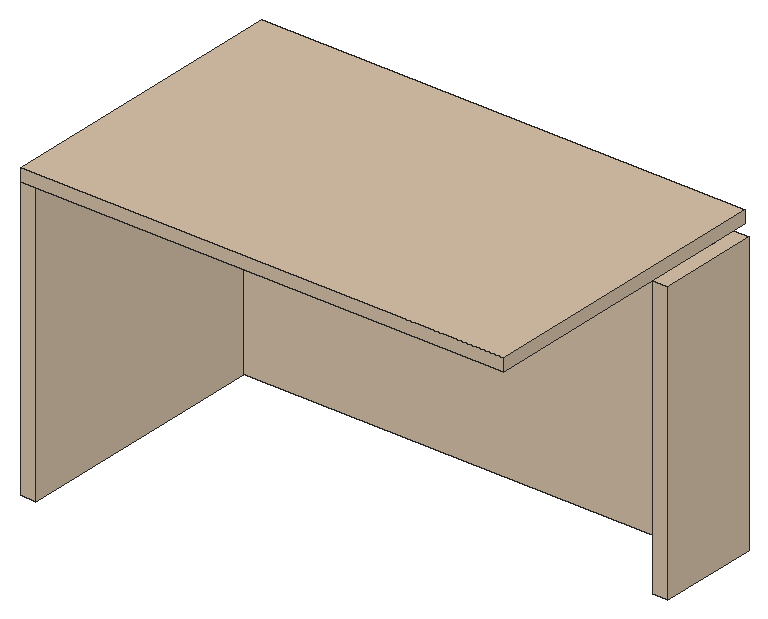
Revit family "Haworth_Masters_Convergent_TDesk", category Furniture Systems, Revit 2018
Family settings
  Round Connector Dimension = Use Diameter
  Part Type = Normal
  OmniClass Number = 23.40.70.14.64.21
  OmniClass Title = Systems Furniture
  Work Plane-Based = No
  Always vertical = Yes
  Cut with Voids When Loaded = No
  Shared = No
  Room Calculation Point = No
Parameters (values of type "30d 48w")
  Worksurface Finish = Haworth _ Wood _ White Oak
  Warranty = "http://www.haworth.com/resources/product-info/warranties"
  URL - Product = "http://www.haworth.com/products/desks/freestanding/masters-series"
  Sustainability Info = "http://www.haworth.com/company-info/sustainablility"
  Standard Depths = "30, 36 in."  # constant formula
  Model = "Haworth - Masters - Convergent T-Desk"  # constant formula
  Width = 48"
  URL = "www.haworth.com"
  Size = "Verify Final Dim. w/ Haworth"  # constant formula
  Revision Number = "2"  # constant formula
  Min. Width = 48"  # constant formula
  Max. Width = 78"  # constant formula
  Min. Depth = 30"  # constant formula
  Max. Depth = 36"  # constant formula
  Manufacturer = "Haworth"  # constant formula
  Edge Finish = Haworth _ Wood _ White Oak
  Description = "Haworth - Masters - Convergent T-Desk"  # constant formula
  Depth = 30"
  Custom Size = not(and(or(Width = 48", Width = 54", Width = 60", Width = 66", Width = 72", Width = 78"), and(or(Depth = 30", Depth = 36"))))  # no
  Cabinet Finish = Haworth _ Wood _ White Oak
  Author = "Haworth (Hampton)"  # constant formula
  Assembly Code = "E2020200"
  Actual Width = if(Width < Min. Width, Min. Width, if(Width > Max. Width, Max. Width, Width))  # 48"
  Actual Height = 29 1/8"  # constant formula
  Actual Depth = if(Depth < Min. Depth, Min. Depth, if(Depth > Max. Depth, Max. Depth, Depth))  # 30"
  Standard Widths = "48,54,60,66,72,78 in."  # constant formula
Types (2): name | Width | Depth | Actual Width | Actual Depth
  30d 48w | 48" | 30" | 48" | 30"
  36d 72w | 72" | 36" | 72" | 36"
Reference planes (in)
  plane 1 "Back": y = -10
  plane 2: z = 0
  plane 3 "Center": x = 29.0625
  plane 4 "Top": z = 29.125
  plane 5 "Bottom of Top": z = 27.875
  plane 6 "Front": y = -40
  plane 7 "Left Side": x = 5.0625
  plane 8 "Right Side": x = 53.0625
  plane 9 "L-Support Back": y = -13.5
  plane 10 "L-Support Front": y = -14.25
  plane 11 "One High Bottom": z = 0
  plane 12: x = 6.59375
  plane 13: x = 54.59375
  plane 14 "Partial Panel Back": y = -11.53125
  plane 15 "Partial Panel Front": y = -21.53125
Forms (in)
  Extrusion 1, solid, material "Haworth _ Wood _ White Oak" <- "Worksurface Finish"
    sketch origin (0, 0, 29.125) x (0, 1, 0) y (-1, 0, 0)
      loop
        line (-40, -5.0625) -> (-40, -53.0625) -> (-10, -53.0625) -> (-10, -5.0625) -> (-40, -5.0625)
    from 0 to -1.25
  Extrusion 2, solid, material "Haworth _ Wood _ White Oak" <- "Cabinet Finish"
    sketch origin (-12.9375, 20.31207, 48) x (0, 1, 0) y (0, 0, -1)
      loop
        line (-30.31207, 20.125) -> (-30.31207, 48) -> (-60.31207, 48) -> (-60.31207, 20.125) -> (-30.31207, 20.125)
    from -19.53125 to -18
  Extrusion 3, solid, material "Haworth _ Wood _ White Oak" <- "Cabinet Finish"
    sketch origin (0, 0, 0) x (1, 0, 0) y (0, 1, 0)
      loop
        line (53.0625, -11.53125) -> (53.0625, -21.53125) -> (54.59375, -21.53125) -> (54.59375, -11.53125) -> (53.0625, -11.53125)
    from 0 to 27.875
  Extrusion 4, solid, material "Haworth _ Wood _ White Oak" <- "Cabinet Finish"
    sketch origin (0, 0, 0) x (1, 0, 0) y (0, 1, 0)
      loop
        line (6.59375, -13.5) -> (6.59375, -14.25) -> (53.0625, -14.25) -> (53.0625, -13.5) -> (6.59375, -13.5)
    from 0 to 27.875
Lines and regions (in)
  Masking region 1
    outline origin (0, 0, 27.875) x (0, 1, 0) y (-1, 0, 0)
      loop
        line (-5.68123, -53.0625) -> (-5.68123, -5.0625) -> (-40, -5.0625) -> (-40, -53.0625) -> (-5.68123, -53.0625)
  symbolic lines, style "Haworth Hidden", not visible, detail levels fine
    curve 1: line (6.59375, -10, 0) -> (6.59375, -11.28125, 0)
    curve 2: line (6.59375, -27.78125, 0) -> (6.59375, -28.53125, 0)
  symbolic lines, style "Haworth Hidden", detail levels fine
    curve 3: line (6.59375, -13.5, 0) -> (53.0625, -13.5, 0)
    curve 4: line (53.0625, -14.25, 0) -> (6.59375, -14.25, 0)
    curve 5: line (53.0625, -7.25, 0) -> (54.59375, -7.25, 0)
    curve 6: line (54.59375, -21.53125, 0) -> (53.0625, -21.53125, 0)
    curve 7: line (54.59375, -7.25, 0) -> (54.59375, -21.53125, 0)
    curve 8: line (6.59375, -10, 0) -> (6.59375, -40, 0)
Dimensions and locks (in)
  "Actual Height": plane 4 "Top" to level
  "Actual Depth": plane 1 "Back" to plane 6 "Front"
  equal spacing: plane 7 "Left Side", plane 3 "Center", plane 8 "Right Side"
  "Actual Width": plane 7 "Left Side" to plane 8 "Right Side"
  locked: plane 4 "Top" to plane 5 "Bottom of Top" at 1.25
  locked: plane 10 "L-Support Front" to plane 1 "Back" at 4.25
  locked: plane 11 "One High Bottom" to level
  locked: plane 7 "Left Side" to plane 12 at 1.53125
  locked: plane 14 "Partial Panel Back" to plane 1 "Back" at 1.53125
  locked: plane 15 "Partial Panel Front" to plane 14 "Partial Panel Back" at 10
  locked: plane 8 "Right Side" to plane 13 at 1.53125
  aligned and locked: level to plane 2
  aligned and locked: plane 6 "Front" to Extrusion 1 sketch curve
  aligned and locked: Extrusion 1 sketch curve to plane 8 "Right Side"
  aligned and locked: Extrusion 1 to plane 5 "Bottom of Top"
  aligned and locked: plane 1 "Back" to Extrusion 1 sketch curve
  aligned and locked: Extrusion 2 to plane 7 "Left Side"
  aligned and locked: Extrusion 2 to plane 12
  aligned and locked: Extrusion 2 to plane 1 "Back"
  aligned and locked: Extrusion 2 to plane 6 "Front"
  aligned and locked: plane 8 "Right Side" to Extrusion 3 sketch curve
  aligned and locked: plane 14 "Partial Panel Back" to Extrusion 3 sketch curve
  aligned and locked: plane 15 "Partial Panel Front" to Extrusion 3 sketch curve
  aligned and locked: plane 13 to Extrusion 3 sketch curve
  aligned and locked: plane 5 "Bottom of Top" to Extrusion 3
  aligned and locked: plane 12 to Extrusion 4 sketch curve
  aligned and locked: plane 9 "L-Support Back" to Extrusion 4 sketch curve
  aligned and locked: plane 10 "L-Support Front" to Extrusion 4 sketch curve
  aligned and locked: plane 5 "Bottom of Top" to Extrusion 4
  aligned and locked: plane 8 "Right Side" to Extrusion 4
  aligned and locked: plane 4 "Top" to Extrusion 1
  aligned and locked: Extrusion 1 to plane 7 "Left Side"
  aligned and locked: Extrusion 3 to plane 11 "One High Bottom"
  aligned and locked: Extrusion 4 to plane 11 "One High Bottom"
  aligned and locked: plane 5 "Bottom of Top" to Extrusion 2
  aligned and locked: Extrusion 2 to plane 11 "One High Bottom"
Automatic sketch dimensions
  Extrusion 1 sketch curve to plane 7 "Left Side" = 0"
  plane 5 "Bottom of Top" to Extrusion 2 sketch curve = 0"
  Extrusion 2 sketch curve to plane 11 "One High Bottom" = 0"
  Extrusion 2 sketch curve to plane 6 "Front" = 0"
  Extrusion 2 sketch curve to plane 1 "Back" = 0"
  plane 10 "L-Support Front" to Extrusion 4 sketch curve = 0"
  plane 8 "Right Side" to Extrusion 4 sketch curve = 0"
  curve 2 to plane 12 = 0"
  plane 10 "L-Support Front" to curve 4 = 0"
  plane 9 "L-Support Back" to curve 3 = 0"
  plane 15 "Partial Panel Front" to curve 2 = 7"
  curve 2 to curve 2 = 3/4"
  curve 1 to plane 14 "Partial Panel Back" = 1/4"
  curve 3 to plane 12 = 0"
  plane 1 "Back" to curve 1 = 0"
  curve 8 to plane 6 "Front" = 0"
  curve 3 to plane 8 "Right Side" = 0"
  curve 6 to plane 8 "Right Side" = 0"
  curve 4 to plane 8 "Right Side" = 0"
  Masking region 1 sketch curve to plane 6 "Front" = 0"
  Masking region 1 sketch curve to plane 8 "Right Side" = 0"
  Masking region 1 sketch curve to plane 7 "Left Side" = 0"
  Masking region 1 sketch curve to plane 1 "Back" = 4.31877"
  curve 5 to plane 8 "Right Side" = 0"
  curve 7 to plane 13 = 0"
  plane 15 "Partial Panel Front" to curve 6 = 0"
  curve 5 to plane 1 "Back" = 2 3/4"
